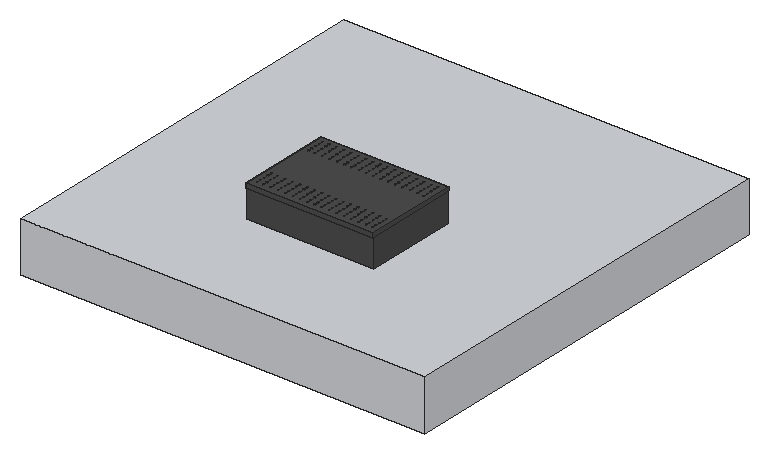
Revit family "BB-100.BIM", category Fire Alarm Devices, host Face, Revit 2020 (continued)
Lines and regions (in)
  symbolic lines, style "MAT-CABINET-BLACK", detail levels fine
    curve 284: circle (-8.202, -4.75219, 0) r 0.125 normal (0, 0, 1)
    curve 285: circle (-7.1084, -5.33589, 0) r 0.125 normal (0, 0, 1)
    curve 286: circle (-6.5616, -5.33589, 0) r 0.125 normal (0, 0, 1)
    curve 287: circle (-7.1084, -4.75219, 0) r 0.125 normal (0, 0, 1)
    curve 288: circle (-6.5616, -4.75219, 0) r 0.125 normal (0, 0, 1)
    curve 289: circle (-6.0148, -5.33589, 0) r 0.125 normal (0, 0, 1)
    curve 290: circle (-5.468, -5.33589, 0) r 0.125 normal (0, 0, 1)
    curve 291: circle (-6.0148, -4.75219, 0) r 0.125 normal (0, 0, 1)
    curve 292: circle (-5.468, -4.75219, 0) r 0.125 normal (0, 0, 1)
    curve 293: circle (-2.734, -4.75219, 0) r 0.125 normal (0, 0, 1)
    curve 294: circle (-2.734, -5.33589, 0) r 0.125 normal (0, 0, 1)
    curve 295: circle (-4.9212, -5.33589, 0) r 0.125 normal (0, 0, 1)
    curve 296: circle (-4.3744, -5.33589, 0) r 0.125 normal (0, 0, 1)
    curve 297: circle (-4.9212, -4.75219, 0) r 0.125 normal (0, 0, 1)
    curve 298: circle (-4.3744, -4.75219, 0) r 0.125 normal (0, 0, 1)
    curve 299: circle (-3.2808, -5.33589, 0) r 0.125 normal (0, 0, 1)
    curve 300: circle (-3.8276, -5.33589, 0) r 0.125 normal (0, 0, 1)
    curve 301: circle (-3.2808, -4.75219, 0) r 0.125 normal (0, 0, 1)
    curve 302: circle (-3.8276, -4.75219, 0) r 0.125 normal (0, 0, 1)
    curve 303: circle (-1.6404, -4.75219, 0) r 0.125 normal (0, 0, 1)
    curve 304: circle (-1.6404, -5.33589, 0) r 0.125 normal (0, 0, 1)
    curve 305: circle (-2.1872, -5.33589, 0) r 0.125 normal (0, 0, 1)
    curve 306: circle (-2.1872, -4.75219, 0) r 0.125 normal (0, 0, 1)
    curve 307: circle (-1.0936, -5.33589, 0) r 0.125 normal (0, 0, 1)
    curve 308: circle (-0.5468, -5.33589, 0) r 0.125 normal (0, 0, 1)
    curve 309: circle (-1.0936, -4.75219, 0) r 0.125 normal (0, 0, 1)
    curve 310: circle (-0.5468, -4.75219, 0) r 0.125 normal (0, 0, 1)
    curve 311: circle (-7.6552, -1.25, 0) r 0.125 normal (0, 0, 1)
    curve 312: circle (-7.6552, -2.4174, 0) r 0.125 normal (0, 0, 1)
    curve 313: circle (-7.6552, -1.8337, 0) r 0.125 normal (0, 0, 1)
    curve 314: circle (-7.6552, -3.0011, 0) r 0.125 normal (0, 0, 1)
    curve 315: circle (-7.6552, -3.5848, 0) r 0.125 normal (0, 0, 1)
    curve 316: circle (-8.7488, -2.4174, 0) r 0.125 normal (0, 0, 1)
    curve 317: circle (-8.7488, -3.0011, 0) r 0.125 normal (0, 0, 1)
    curve 318: circle (-8.7488, -3.5848, 0) r 0.125 normal (0, 0, 1)
    curve 319: circle (-9.2956, -3.5848, 0) r 0.125 normal (0, 0, 1)
    curve 320: circle (-9.8424, -3.5848, 0) r 0.125 normal (0, 0, 1)
    curve 321: circle (-9.2956, -2.4174, 0) r 0.125 normal (0, 0, 1)
    curve 322: circle (-9.2956, -3.0011, 0) r 0.125 normal (0, 0, 1)
    curve 323: circle (-9.8424, -3.0011, 0) r 0.125 normal (0, 0, 1)
    curve 324: circle (-9.8424, -2.4174, 0) r 0.125 normal (0, 0, 1)
    curve 325: circle (-8.202, -3.5848, 0) r 0.125 normal (0, 0, 1)
    curve 326: circle (-8.202, -2.4174, 0) r 0.125 normal (0, 0, 1)
    curve 327: circle (-8.202, -3.0011, 0) r 0.125 normal (0, 0, 1)
    curve 328: circle (-8.7488, -1.25, 0) r 0.125 normal (0, 0, 1)
    curve 329: circle (-8.7488, -1.8337, 0) r 0.125 normal (0, 0, 1)
    curve 330: circle (-9.8424, -1.25, 0) r 0.125 normal (0, 0, 1)
    curve 331: circle (-9.2956, -1.25, 0) r 0.125 normal (0, 0, 1)
    curve 332: circle (-9.2956, -1.8337, 0) r 0.125 normal (0, 0, 1)
    curve 333: circle (-9.8424, -1.8337, 0) r 0.125 normal (0, 0, 1)
    curve 334: circle (-8.202, -1.25, 0) r 0.125 normal (0, 0, 1)
    curve 335: circle (-8.202, -1.8337, 0) r 0.125 normal (0, 0, 1)
    curve 336: circle (-7.1084, -3.5848, 0) r 0.125 normal (0, 0, 1)
    curve 337: circle (-6.5616, -3.5848, 0) r 0.125 normal (0, 0, 1)
    curve 338: circle (-7.1084, -2.4174, 0) r 0.125 normal (0, 0, 1)
    curve 339: circle (-7.1084, -3.0011, 0) r 0.125 normal (0, 0, 1)
    curve 340: circle (-6.5616, -3.0011, 0) r 0.125 normal (0, 0, 1)
    curve 341: circle (-6.5616, -2.4174, 0) r 0.125 normal (0, 0, 1)
    curve 342: circle (-6.0148, -3.5848, 0) r 0.125 normal (0, 0, 1)
    curve 343: circle (-5.468, -3.5848, 0) r 0.125 normal (0, 0, 1)
    curve 344: circle (-6.0148, -3.0011, 0) r 0.125 normal (0, 0, 1)
    curve 345: circle (-6.0148, -2.4174, 0) r 0.125 normal (0, 0, 1)
    curve 346: circle (-5.468, -3.0011, 0) r 0.125 normal (0, 0, 1)
    curve 347: circle (-5.468, -2.4174, 0) r 0.125 normal (0, 0, 1)
    curve 348: circle (-6.5616, -1.25, 0) r 0.125 normal (0, 0, 1)
    curve 349: circle (-7.1084, -1.25, 0) r 0.125 normal (0, 0, 1)
    curve 350: circle (-7.1084, -1.8337, 0) r 0.125 normal (0, 0, 1)
    curve 351: circle (-6.5616, -1.8337, 0) r 0.125 normal (0, 0, 1)
    curve 352: circle (-5.468, -1.25, 0) r 0.125 normal (0, 0, 1)
    curve 353: circle (-6.0148, -1.25, 0) r 0.125 normal (0, 0, 1)
    curve 354: circle (-6.0148, -1.8337, 0) r 0.125 normal (0, 0, 1)
    curve 355: circle (-5.468, -1.8337, 0) r 0.125 normal (0, 0, 1)
    curve 356: circle (-2.734, -1.25, 0) r 0.125 normal (0, 0, 1)
    curve 357: circle (-2.734, -2.4174, 0) r 0.125 normal (0, 0, 1)
    curve 358: circle (-2.734, -1.8337, 0) r 0.125 normal (0, 0, 1)
    curve 359: circle (-2.734, -3.0011, 0) r 0.125 normal (0, 0, 1)
    curve 360: circle (-2.734, -3.5848, 0) r 0.125 normal (0, 0, 1)
    curve 361: circle (-4.9212, -3.5848, 0) r 0.125 normal (0, 0, 1)
    curve 362: circle (-4.3744, -3.5848, 0) r 0.125 normal (0, 0, 1)
    curve 363: circle (-4.9212, -3.0011, 0) r 0.125 normal (0, 0, 1)
    curve 364: circle (-4.9212, -2.4174, 0) r 0.125 normal (0, 0, 1)
    curve 365: circle (-4.3744, -3.0011, 0) r 0.125 normal (0, 0, 1)
    curve 366: circle (-4.3744, -2.4174, 0) r 0.125 normal (0, 0, 1)
    curve 367: circle (-3.2808, -3.5848, 0) r 0.125 normal (0, 0, 1)
    curve 368: circle (-3.8276, -3.5848, 0) r 0.125 normal (0, 0, 1)
    curve 369: circle (-3.2808, -2.4174, 0) r 0.125 normal (0, 0, 1)
    curve 370: circle (-3.2808, -3.0011, 0) r 0.125 normal (0, 0, 1)
    curve 371: circle (-3.8276, -3.0011, 0) r 0.125 normal (0, 0, 1)
    curve 372: circle (-3.8276, -2.4174, 0) r 0.125 normal (0, 0, 1)
    curve 373: circle (-4.3744, -1.25, 0) r 0.125 normal (0, 0, 1)
    curve 374: circle (-4.9212, -1.25, 0) r 0.125 normal (0, 0, 1)
    curve 375: circle (-4.9212, -1.8337, 0) r 0.125 normal (0, 0, 1)
    curve 376: circle (-4.3744, -1.8337, 0) r 0.125 normal (0, 0, 1)
    curve 377: circle (-3.2808, -1.25, 0) r 0.125 normal (0, 0, 1)
    curve 378: circle (-3.8276, -1.25, 0) r 0.125 normal (0, 0, 1)
    curve 379: circle (-3.2808, -1.8337, 0) r 0.125 normal (0, 0, 1)
    curve 380: circle (-3.8276, -1.8337, 0) r 0.125 normal (0, 0, 1)
    curve 381: circle (-1.6404, -2.4174, 0) r 0.125 normal (0, 0, 1)
    curve 382: circle (-1.6404, -3.0011, 0) r 0.125 normal (0, 0, 1)
    curve 383: circle (-1.6404, -3.5848, 0) r 0.125 normal (0, 0, 1)
    curve 384: circle (-2.1872, -3.5848, 0) r 0.125 normal (0, 0, 1)
    curve 385: circle (-2.1872, -2.4174, 0) r 0.125 normal (0, 0, 1)
    curve 386: circle (-2.1872, -3.0011, 0) r 0.125 normal (0, 0, 1)
    curve 387: circle (-1.0936, -3.5848, 0) r 0.125 normal (0, 0, 1)
    curve 388: circle (-0.5468, -3.5848, 0) r 0.125 normal (0, 0, 1)
    curve 389: circle (-1.0936, -3.0011, 0) r 0.125 normal (0, 0, 1)
    curve 390: circle (-1.0936, -2.4174, 0) r 0.125 normal (0, 0, 1)
    curve 391: circle (-0.5468, -3.0011, 0) r 0.125 normal (0, 0, 1)
    curve 392: circle (-0.5468, -2.4174, 0) r 0.125 normal (0, 0, 1)
    curve 393: circle (-1.6404, -1.25, 0) r 0.125 normal (0, 0, 1)
    curve 394: circle (-1.6404, -1.8337, 0) r 0.125 normal (0, 0, 1)
    curve 395: circle (-2.1872, -1.25, 0) r 0.125 normal (0, 0, 1)
    curve 396: circle (-2.1872, -1.8337, 0) r 0.125 normal (0, 0, 1)
    curve 397: circle (-0.5468, -1.25, 0) r 0.125 normal (0, 0, 1)
    curve 398: circle (-1.0936, -1.25, 0) r 0.125 normal (0, 0, 1)
    curve 399: circle (-1.0936, -1.8337, 0) r 0.125 normal (0, 0, 1)
    curve 400: circle (-0.5468, -1.8337, 0) r 0.125 normal (0, 0, 1)
    curve 401: circle (9.2956, -16.66411, 0) r 0.125 normal (0, 0, 1)
    curve 402: circle (9.2956, -17.83151, 0) r 0.125 normal (0, 0, 1)
    curve 403: circle (9.2956, -17.24781, 0) r 0.125 normal (0, 0, 1)
    curve 404: circle (9.2956, -18.4152, 0) r 0.125 normal (0, 0, 1)
    curve 405: circle (9.2956, -19.5826, 0) r 0.125 normal (0, 0, 1)
    curve 406: circle (9.2956, -18.9989, 0) r 0.125 normal (0, 0, 1)
    curve 407: circle (9.2956, -20.1663, 0) r 0.125 normal (0, 0, 1)
    curve 408: circle (9.2956, -20.75, 0) r 0.125 normal (0, 0, 1)
    curve 409: circle (8.202, -18.4152, 0) r 0.125 normal (0, 0, 1)
    curve 410: circle (8.7488, -18.4152, 0) r 0.125 normal (0, 0, 1)
    curve 411: circle (6.5616, -18.4152, 0) r 0.125 normal (0, 0, 1)
    curve 412: circle (7.1084, -18.4152, 0) r 0.125 normal (0, 0, 1)
    curve 413: circle (6.0148, -18.4152, 0) r 0.125 normal (0, 0, 1)
    curve 414: circle (5.468, -18.4152, 0) r 0.125 normal (0, 0, 1)
    curve 415: circle (4.9212, -18.4152, 0) r 0.125 normal (0, 0, 1)
    curve 416: circle (4.3744, -18.4152, 0) r 0.125 normal (0, 0, 1)
    curve 417: circle (3.8276, -18.4152, 0) r 0.125 normal (0, 0, 1)
    curve 418: circle (3.2808, -18.4152, 0) r 0.125 normal (0, 0, 1)
    curve 419: circle (7.6552, -18.4152, 0) r 0.125 normal (0, 0, 1)
    curve 420: circle (2.734, -18.4152, 0) r 0.125 normal (0, 0, 1)
    curve 421: circle (2.1872, -18.4152, 0) r 0.125 normal (0, 0, 1)
    curve 422: circle (1.6404, -18.4152, 0) r 0.125 normal (0, 0, 1)
    curve 423: circle (1.0936, -18.4152, 0) r 0.125 normal (0, 0, 1)
    curve 424: circle (0.5468, -18.4152, 0) r 0.125 normal (0, 0, 1)
    curve 425: circle (0, -18.4152, 0) r 0.125 normal (0, 0, 1)
    curve 426: circle (2.1872, -19.5826, 0) r 0.125 normal (0, 0, 1)
    curve 427: circle (2.1872, -18.9989, 0) r 0.125 normal (0, 0, 1)
    curve 428: circle (2.1872, -20.1663, 0) r 0.125 normal (0, 0, 1)
    curve 429: circle (2.1872, -20.75, 0) r 0.125 normal (0, 0, 1)
    curve 430: circle (1.6404, -20.1663, 0) r 0.125 normal (0, 0, 1)
    curve 431: circle (1.0936, -20.1663, 0) r 0.125 normal (0, 0, 1)
    curve 432: circle (0.5468, -20.1663, 0) r 0.125 normal (0, 0, 1)
    curve 433: circle (0, -20.1663, 0) r 0.125 normal (0, 0, 1)
    curve 434: circle (0, -20.75, 0) r 0.125 normal (0, 0, 1)
    curve 435: circle (0.5468, -20.75, 0) r 0.125 normal (0, 0, 1)
    curve 436: circle (1.0936, -20.75, 0) r 0.125 normal (0, 0, 1)
    curve 437: circle (1.6404, -20.75, 0) r 0.125 normal (0, 0, 1)
    curve 438: circle (0, -19.5826, 0) r 0.125 normal (0, 0, 1)
    curve 439: circle (0.5468, -19.5826, 0) r 0.125 normal (0, 0, 1)
    curve 440: circle (0, -18.9989, 0) r 0.125 normal (0, 0, 1)
    curve 441: circle (0.5468, -18.9989, 0) r 0.125 normal (0, 0, 1)
    curve 442: circle (1.0936, -19.5826, 0) r 0.125 normal (0, 0, 1)
    curve 443: circle (1.6404, -19.5826, 0) r 0.125 normal (0, 0, 1)
    curve 444: circle (1.0936, -18.9989, 0) r 0.125 normal (0, 0, 1)
    curve 445: circle (1.6404, -18.9989, 0) r 0.125 normal (0, 0, 1)
    curve 446: circle (4.3744, -20.1663, 0) r 0.125 normal (0, 0, 1)
    curve 447: circle (3.8276, -20.1663, 0) r 0.125 normal (0, 0, 1)
    curve 448: circle (3.2808, -20.1663, 0) r 0.125 normal (0, 0, 1)
    curve 449: circle (2.734, -20.1663, 0) r 0.125 normal (0, 0, 1)
    curve 450: circle (3.2808, -20.75, 0) r 0.125 normal (0, 0, 1)
    curve 451: circle (2.734, -20.75, 0) r 0.125 normal (0, 0, 1)
    curve 452: circle (3.8276, -20.75, 0) r 0.125 normal (0, 0, 1)
    curve 453: circle (4.3744, -20.75, 0) r 0.125 normal (0, 0, 1)
    curve 454: circle (3.2808, -19.5826, 0) r 0.125 normal (0, 0, 1)
    curve 455: circle (3.2808, -18.9989, 0) r 0.125 normal (0, 0, 1)
    curve 456: circle (2.734, -19.5826, 0) r 0.125 normal (0, 0, 1)
    curve 457: circle (2.734, -18.9989, 0) r 0.125 normal (0, 0, 1)
    curve 458: circle (3.8276, -19.5826, 0) r 0.125 normal (0, 0, 1)
    curve 459: circle (4.3744, -19.5826, 0) r 0.125 normal (0, 0, 1)
    curve 460: circle (3.8276, -18.9989, 0) r 0.125 normal (0, 0, 1)
    curve 461: circle (4.3744, -18.9989, 0) r 0.125 normal (0, 0, 1)
    curve 462: circle (6.5616, -20.1663, 0) r 0.125 normal (0, 0, 1)
    curve 463: circle (6.0148, -20.1663, 0) r 0.125 normal (0, 0, 1)
    curve 464: circle (5.468, -20.1663, 0) r 0.125 normal (0, 0, 1)
    curve 465: circle (4.9212, -20.1663, 0) r 0.125 normal (0, 0, 1)
    curve 466: circle (4.9212, -20.75, 0) r 0.125 normal (0, 0, 1)
    curve 467: circle (5.468, -20.75, 0) r 0.125 normal (0, 0, 1)
    curve 468: circle (6.0148, -20.75, 0) r 0.125 normal (0, 0, 1)
    curve 469: circle (6.5616, -20.75, 0) r 0.125 normal (0, 0, 1)
    curve 470: circle (4.9212, -19.5826, 0) r 0.125 normal (0, 0, 1)
    curve 471: circle (5.468, -19.5826, 0) r 0.125 normal (0, 0, 1)
    curve 472: circle (4.9212, -18.9989, 0) r 0.125 normal (0, 0, 1)
    curve 473: circle (5.468, -18.9989, 0) r 0.125 normal (0, 0, 1)
    curve 474: circle (6.0148, -19.5826, 0) r 0.125 normal (0, 0, 1)
    curve 475: circle (6.5616, -19.5826, 0) r 0.125 normal (0, 0, 1)
    curve 476: circle (6.0148, -18.9989, 0) r 0.125 normal (0, 0, 1)
    curve 477: circle (6.5616, -18.9989, 0) r 0.125 normal (0, 0, 1)
    curve 478: circle (8.202, -20.1663, 0) r 0.125 normal (0, 0, 1)
    curve 479: circle (8.7488, -20.1663, 0) r 0.125 normal (0, 0, 1)
    curve 480: circle (7.1084, -20.1663, 0) r 0.125 normal (0, 0, 1)
    curve 481: circle (7.6552, -20.1663, 0) r 0.125 normal (0, 0, 1)
    curve 482: circle (8.202, -20.75, 0) r 0.125 normal (0, 0, 1)
    curve 483: circle (7.6552, -20.75, 0) r 0.125 normal (0, 0, 1)
    curve 484: circle (7.1084, -20.75, 0) r 0.125 normal (0, 0, 1)
    curve 485: circle (8.7488, -20.75, 0) r 0.125 normal (0, 0, 1)
    curve 486: circle (8.202, -19.5826, 0) r 0.125 normal (0, 0, 1)
    curve 487: circle (8.202, -18.9989, 0) r 0.125 normal (0, 0, 1)
    curve 488: circle (7.6552, -19.5826, 0) r 0.125 normal (0, 0, 1)
    curve 489: circle (7.1084, -19.5826, 0) r 0.125 normal (0, 0, 1)
    curve 490: circle (7.6552, -18.9989, 0) r 0.125 normal (0, 0, 1)
    curve 491: circle (7.1084, -18.9989, 0) r 0.125 normal (0, 0, 1)
    curve 492: circle (8.7488, -19.5826, 0) r 0.125 normal (0, 0, 1)
    curve 493: circle (8.7488, -18.9989, 0) r 0.125 normal (0, 0, 1)
    curve 494: circle (2.1872, -16.66411, 0) r 0.125 normal (0, 0, 1)
    curve 495: circle (2.1872, -17.83151, 0) r 0.125 normal (0, 0, 1)
    curve 496: circle (2.1872, -17.24781, 0) r 0.125 normal (0, 0, 1)
    curve 497: circle (1.6404, -16.66411, 0) r 0.125 normal (0, 0, 1)
    curve 498: circle (1.0936, -16.66411, 0) r 0.125 normal (0, 0, 1)
    curve 499: circle (0, -16.66411, 0) r 0.125 normal (0, 0, 1)
    curve 500: circle (0.5468, -16.66411, 0) r 0.125 normal (0, 0, 1)
    curve 501: circle (0, -17.83151, 0) r 0.125 normal (0, 0, 1)
    curve 502: circle (0.5468, -17.83151, 0) r 0.125 normal (0, 0, 1)
    curve 503: circle (0, -17.24781, 0) r 0.125 normal (0, 0, 1)
    curve 504: circle (0.5468, -17.24781, 0) r 0.125 normal (0, 0, 1)
    curve 505: circle (1.0936, -17.83151, 0) r 0.125 normal (0, 0, 1)
    curve 506: circle (1.6404, -17.83151, 0) r 0.125 normal (0, 0, 1)
    curve 507: circle (1.0936, -17.24781, 0) r 0.125 normal (0, 0, 1)
    curve 508: circle (1.6404, -17.24781, 0) r 0.125 normal (0, 0, 1)
    curve 509: circle (4.3744, -16.66411, 0) r 0.125 normal (0, 0, 1)
    curve 510: circle (3.8276, -16.66411, 0) r 0.125 normal (0, 0, 1)
    curve 511: circle (3.2808, -16.66411, 0) r 0.125 normal (0, 0, 1)
    curve 512: circle (2.734, -16.66411, 0) r 0.125 normal (0, 0, 1)
    curve 513: circle (3.2808, -17.83151, 0) r 0.125 normal (0, 0, 1)
    curve 514: circle (3.2808, -17.24781, 0) r 0.125 normal (0, 0, 1)
    curve 515: circle (2.734, -17.83151, 0) r 0.125 normal (0, 0, 1)
    curve 516: circle (2.734, -17.24781, 0) r 0.125 normal (0, 0, 1)
    curve 517: circle (3.8276, -17.83151, 0) r 0.125 normal (0, 0, 1)
    curve 518: circle (4.3744, -17.83151, 0) r 0.125 normal (0, 0, 1)
    curve 519: circle (3.8276, -17.24781, 0) r 0.125 normal (0, 0, 1)
    curve 520: circle (4.3744, -17.24781, 0) r 0.125 normal (0, 0, 1)
    curve 521: circle (6.5616, -16.66411, 0) r 0.125 normal (0, 0, 1)
    curve 522: circle (5.468, -16.66411, 0) r 0.125 normal (0, 0, 1)
    curve 523: circle (6.0148, -16.66411, 0) r 0.125 normal (0, 0, 1)
    curve 524: circle (4.9212, -16.66411, 0) r 0.125 normal (0, 0, 1)
    curve 525: circle (4.9212, -17.83151, 0) r 0.125 normal (0, 0, 1)
    curve 526: circle (5.468, -17.83151, 0) r 0.125 normal (0, 0, 1)
    curve 527: circle (4.9212, -17.24781, 0) r 0.125 normal (0, 0, 1)
    curve 528: circle (5.468, -17.24781, 0) r 0.125 normal (0, 0, 1)
    curve 529: circle (6.0148, -17.83151, 0) r 0.125 normal (0, 0, 1)
    curve 530: circle (6.5616, -17.83151, 0) r 0.125 normal (0, 0, 1)
    curve 531: circle (6.0148, -17.24781, 0) r 0.125 normal (0, 0, 1)
    curve 532: circle (6.5616, -17.24781, 0) r 0.125 normal (0, 0, 1)
    curve 533: circle (8.202, -16.66411, 0) r 0.125 normal (0, 0, 1)
    curve 534: circle (8.7488, -16.66411, 0) r 0.125 normal (0, 0, 1)
    curve 535: circle (7.1084, -16.66411, 0) r 0.125 normal (0, 0, 1)
    curve 536: circle (7.6552, -16.66411, 0) r 0.125 normal (0, 0, 1)
    curve 537: circle (8.202, -17.83151, 0) r 0.125 normal (0, 0, 1)
    curve 538: circle (8.202, -17.24781, 0) r 0.125 normal (0, 0, 1)
    curve 539: circle (7.6552, -17.83151, 0) r 0.125 normal (0, 0, 1)
    curve 540: circle (7.1084, -17.83151, 0) r 0.125 normal (0, 0, 1)
    curve 541: circle (7.6552, -17.24781, 0) r 0.125 normal (0, 0, 1)
    curve 542: circle (7.1084, -17.24781, 0) r 0.125 normal (0, 0, 1)
    curve 543: circle (8.7488, -17.83151, 0) r 0.125 normal (0, 0, 1)
    curve 544: circle (8.7488, -17.24781, 0) r 0.125 normal (0, 0, 1)
    curve 545: circle (13.67, -18.4152, 0) r 0.125 normal (0, 0, 1)
    curve 546: circle (12.5764, -18.4152, 0) r 0.125 normal (0, 0, 1)
    curve 547: circle (13.1232, -18.4152, 0) r 0.125 normal (0, 0, 1)
    curve 548: circle (11.4828, -18.4152, 0) r 0.125 normal (0, 0, 1)
    curve 549: circle (10.3892, -18.4152, 0) r 0.125 normal (0, 0, 1)
    curve 550: circle (10.936, -18.4152, 0) r 0.125 normal (0, 0, 1)
    curve 551: circle (9.8424, -18.4152, 0) r 0.125 normal (0, 0, 1)
    curve 552: circle (12.0296, -18.4152, 0) r 0.125 normal (0, 0, 1)
    curve 553: circle (11.4828, -20.1663, 0) r 0.125 normal (0, 0, 1)
    curve 554: circle (10.3892, -20.1663, 0) r 0.125 normal (0, 0, 1)
    curve 555: circle (10.936, -20.1663, 0) r 0.125 normal (0, 0, 1)
    curve 556: circle (9.8424, -20.1663, 0) r 0.125 normal (0, 0, 1)
    curve 557: circle (9.8424, -20.75, 0) r 0.125 normal (0, 0, 1)
    curve 558: circle (10.3892, -20.75, 0) r 0.125 normal (0, 0, 1)
    curve 559: circle (10.936, -20.75, 0) r 0.125 normal (0, 0, 1)
    curve 560: circle (11.4828, -20.75, 0) r 0.125 normal (0, 0, 1)
    curve 561: circle (9.8424, -19.5826, 0) r 0.125 normal (0, 0, 1)
    curve 562: circle (10.3892, -19.5826, 0) r 0.125 normal (0, 0, 1)
    curve 563: circle (9.8424, -18.9989, 0) r 0.125 normal (0, 0, 1)
    curve 564: circle (10.3892, -18.9989, 0) r 0.125 normal (0, 0, 1)
    curve 565: circle (10.936, -19.5826, 0) r 0.125 normal (0, 0, 1)
    curve 566: circle (11.4828, -19.5826, 0) r 0.125 normal (0, 0, 1)
    curve 567: circle (10.936, -18.9989, 0) r 0.125 normal (0, 0, 1)
    curve 568: circle (11.4828, -18.9989, 0) r 0.125 normal (0, 0, 1)
    curve 569: circle (13.67, -20.1663, 0) r 0.125 normal (0, 0, 1)
    curve 570: circle (12.5764, -20.1663, 0) r 0.125 normal (0, 0, 1)
    curve 571: circle (13.1232, -20.1663, 0) r 0.125 normal (0, 0, 1)
    curve 572: circle (12.0296, -20.1663, 0) r 0.125 normal (0, 0, 1)
    curve 573: circle (12.0296, -20.75, 0) r 0.125 normal (0, 0, 1)
    curve 574: circle (12.5764, -20.75, 0) r 0.125 normal (0, 0, 1)
    curve 575: circle (13.67, -20.75, 0) r 0.125 normal (0, 0, 1)
    curve 576: circle (13.1232, -20.75, 0) r 0.125 normal (0, 0, 1)
    curve 577: circle (12.0296, -19.5826, 0) r 0.125 normal (0, 0, 1)
    curve 578: circle (12.5764, -19.5826, 0) r 0.125 normal (0, 0, 1)
    curve 579: circle (12.0296, -18.9989, 0) r 0.125 normal (0, 0, 1)
    curve 580: circle (12.5764, -18.9989, 0) r 0.125 normal (0, 0, 1)
    curve 581: circle (13.67, -19.5826, 0) r 0.125 normal (0, 0, 1)
    curve 582: circle (13.1232, -19.5826, 0) r 0.125 normal (0, 0, 1)
    curve 583: circle (13.67, -18.9989, 0) r 0.125 normal (0, 0, 1)
    curve 584: circle (13.1232, -18.9989, 0) r 0.125 normal (0, 0, 1)
    curve 585: circle (11.4828, -16.66411, 0) r 0.125 normal (0, 0, 1)
    curve 586: circle (10.3892, -16.66411, 0) r 0.125 normal (0, 0, 1)
    curve 587: circle (10.936, -16.66411, 0) r 0.125 normal (0, 0, 1)
    curve 588: circle (9.8424, -16.66411, 0) r 0.125 normal (0, 0, 1)
    curve 589: circle (9.8424, -17.83151, 0) r 0.125 normal (0, 0, 1)
    curve 590: circle (10.3892, -17.83151, 0) r 0.125 normal (0, 0, 1)
    curve 591: circle (9.8424, -17.24781, 0) r 0.125 normal (0, 0, 1)
    curve 592: circle (10.3892, -17.24781, 0) r 0.125 normal (0, 0, 1)
    curve 593: circle (10.936, -17.83151, 0) r 0.125 normal (0, 0, 1)
    curve 594: circle (11.4828, -17.83151, 0) r 0.125 normal (0, 0, 1)
    curve 595: circle (10.936, -17.24781, 0) r 0.125 normal (0, 0, 1)
    curve 596: circle (11.4828, -17.24781, 0) r 0.125 normal (0, 0, 1)
    curve 597: circle (13.67, -16.66411, 0) r 0.125 normal (0, 0, 1)
    curve 598: circle (12.5764, -16.66411, 0) r 0.125 normal (0, 0, 1)
    curve 599: circle (13.1232, -16.66411, 0) r 0.125 normal (0, 0, 1)
    curve 600: circle (12.0296, -16.66411, 0) r 0.125 normal (0, 0, 1)
    curve 601: circle (12.0296, -17.83151, 0) r 0.125 normal (0, 0, 1)
    curve 602: circle (12.5764, -17.83151, 0) r 0.125 normal (0, 0, 1)
    curve 603: circle (12.0296, -17.24781, 0) r 0.125 normal (0, 0, 1)
    curve 604: circle (12.5764, -17.24781, 0) r 0.125 normal (0, 0, 1)
    curve 605: circle (13.67, -17.83151, 0) r 0.125 normal (0, 0, 1)
    curve 606: circle (13.1232, -17.83151, 0) r 0.125 normal (0, 0, 1)
    curve 607: circle (13.67, -17.24781, 0) r 0.125 normal (0, 0, 1)
    curve 608: circle (13.1232, -17.24781, 0) r 0.125 normal (0, 0, 1)
    curve 609: circle (9.2956, -5.33589, 0) r 0.125 normal (0, 0, 1)
    curve 610: circle (8.202, -4.16849, 0) r 0.125 normal (0, 0, 1)
    curve 611: circle (8.7488, -4.16849, 0) r 0.125 normal (0, 0, 1)
    curve 612: circle (6.5616, -4.16849, 0) r 0.125 normal (0, 0, 1)
    curve 613: circle (7.1084, -4.16849, 0) r 0.125 normal (0, 0, 1)
    curve 614: circle (5.468, -4.16849, 0) r 0.125 normal (0, 0, 1)
    curve 615: circle (6.0148, -4.16849, 0) r 0.125 normal (0, 0, 1)
    curve 616: circle (4.3744, -4.16849, 0) r 0.125 normal (0, 0, 1)
    curve 617: circle (4.9212, -4.16849, 0) r 0.125 normal (0, 0, 1)
    curve 618: circle (3.2808, -4.16849, 0) r 0.125 normal (0, 0, 1)
    curve 619: circle (3.8276, -4.16849, 0) r 0.125 normal (0, 0, 1)
    curve 620: circle (7.6552, -4.16849, 0) r 0.125 normal (0, 0, 1)
    curve 621: circle (2.1872, -4.16849, 0) r 0.125 normal (0, 0, 1)
    curve 622: circle (2.734, -4.16849, 0) r 0.125 normal (0, 0, 1)
    curve 623: circle (1.6404, -4.16849, 0) r 0.125 normal (0, 0, 1)
    curve 624: circle (1.0936, -4.16849, 0) r 0.125 normal (0, 0, 1)
    curve 625: circle (0, -4.16849, 0) r 0.125 normal (0, 0, 1)
    curve 626: circle (0.5468, -4.16849, 0) r 0.125 normal (0, 0, 1)
    curve 627: circle (2.1872, -4.75219, 0) r 0.125 normal (0, 0, 1)
    curve 628: circle (2.1872, -5.33589, 0) r 0.125 normal (0, 0, 1)
    curve 629: circle (0, -5.33589, 0) r 0.125 normal (0, 0, 1)
    curve 630: circle (0.5468, -5.33589, 0) r 0.125 normal (0, 0, 1)
    curve 631: circle (0, -4.75219, 0) r 0.125 normal (0, 0, 1)
    curve 632: circle (0.5468, -4.75219, 0) r 0.125 normal (0, 0, 1)
    curve 633: circle (1.0936, -5.33589, 0) r 0.125 normal (0, 0, 1)
    curve 634: circle (1.6404, -5.33589, 0) r 0.125 normal (0, 0, 1)
    curve 635: circle (1.0936, -4.75219, 0) r 0.125 normal (0, 0, 1)
    curve 636: circle (1.6404, -4.75219, 0) r 0.125 normal (0, 0, 1)
    curve 637: circle (3.2808, -4.75219, 0) r 0.125 normal (0, 0, 1)
    curve 638: circle (3.2808, -5.33589, 0) r 0.125 normal (0, 0, 1)
    curve 639: circle (2.734, -5.33589, 0) r 0.125 normal (0, 0, 1)
    curve 640: circle (2.734, -4.75219, 0) r 0.125 normal (0, 0, 1)
    curve 641: circle (3.8276, -5.33589, 0) r 0.125 normal (0, 0, 1)
    curve 642: circle (4.3744, -5.33589, 0) r 0.125 normal (0, 0, 1)
    curve 643: circle (3.8276, -4.75219, 0) r 0.125 normal (0, 0, 1)
    curve 644: circle (4.3744, -4.75219, 0) r 0.125 normal (0, 0, 1)
    curve 645: circle (4.9212, -5.33589, 0) r 0.125 normal (0, 0, 1)
    curve 646: circle (5.468, -5.33589, 0) r 0.125 normal (0, 0, 1)
    curve 647: circle (4.9212, -4.75219, 0) r 0.125 normal (0, 0, 1)
    curve 648: circle (5.468, -4.75219, 0) r 0.125 normal (0, 0, 1)
    curve 649: circle (6.0148, -5.33589, 0) r 0.125 normal (0, 0, 1)
    curve 650: circle (6.5616, -5.33589, 0) r 0.125 normal (0, 0, 1)
    curve 651: circle (6.0148, -4.75219, 0) r 0.125 normal (0, 0, 1)
    curve 652: circle (6.5616, -4.75219, 0) r 0.125 normal (0, 0, 1)
    curve 653: circle (8.202, -4.75219, 0) r 0.125 normal (0, 0, 1)
    curve 654: circle (8.202, -5.33589, 0) r 0.125 normal (0, 0, 1)
    curve 655: circle (7.6552, -5.33589, 0) r 0.125 normal (0, 0, 1)
    curve 656: circle (7.1084, -5.33589, 0) r 0.125 normal (0, 0, 1)
    curve 657: circle (7.6552, -4.75219, 0) r 0.125 normal (0, 0, 1)
    curve 658: circle (7.1084, -4.75219, 0) r 0.125 normal (0, 0, 1)
    curve 659: circle (8.7488, -5.33589, 0) r 0.125 normal (0, 0, 1)
    curve 660: circle (8.7488, -4.75219, 0) r 0.125 normal (0, 0, 1)
    curve 661: circle (2.1872, -1.25, 0) r 0.125 normal (0, 0, 1)
    curve 662: circle (2.1872, -2.4174, 0) r 0.125 normal (0, 0, 1)
    curve 663: circle (2.1872, -1.8337, 0) r 0.125 normal (0, 0, 1)
    curve 664: circle (2.1872, -3.0011, 0) r 0.125 normal (0, 0, 1)
    curve 665: circle (2.1872, -3.5848, 0) r 0.125 normal (0, 0, 1)
    curve 666: circle (0, -3.5848, 0) r 0.125 normal (0, 0, 1)
    curve 667: circle (0.5468, -3.5848, 0) r 0.125 normal (0, 0, 1)
    curve 668: circle (0, -3.0011, 0) r 0.125 normal (0, 0, 1)
    curve 669: circle (0, -2.4174, 0) r 0.125 normal (0, 0, 1)
    curve 670: circle (0.5468, -3.0011, 0) r 0.125 normal (0, 0, 1)
    curve 671: circle (0.5468, -2.4174, 0) r 0.125 normal (0, 0, 1)
    curve 672: circle (1.0936, -3.5848, 0) r 0.125 normal (0, 0, 1)
    curve 673: circle (1.6404, -3.5848, 0) r 0.125 normal (0, 0, 1)
    curve 674: circle (1.0936, -3.0011, 0) r 0.125 normal (0, 0, 1)
    curve 675: circle (1.0936, -2.4174, 0) r 0.125 normal (0, 0, 1)
    curve 676: circle (1.6404, -3.0011, 0) r 0.125 normal (0, 0, 1)
    curve 677: circle (1.6404, -2.4174, 0) r 0.125 normal (0, 0, 1)
    curve 678: circle (0.5468, -1.25, 0) r 0.125 normal (0, 0, 1)
    curve 679: circle (0, -1.25, 0) r 0.125 normal (0, 0, 1)
    curve 680: circle (0, -1.8337, 0) r 0.125 normal (0, 0, 1)
    curve 681: circle (0.5468, -1.8337, 0) r 0.125 normal (0, 0, 1)
    curve 682: circle (1.6404, -1.25, 0) r 0.125 normal (0, 0, 1)
    curve 683: circle (1.0936, -1.25, 0) r 0.125 normal (0, 0, 1)
    curve 684: circle (1.0936, -1.8337, 0) r 0.125 normal (0, 0, 1)
    curve 685: circle (1.6404, -1.8337, 0) r 0.125 normal (0, 0, 1)
    curve 686: circle (3.2808, -2.4174, 0) r 0.125 normal (0, 0, 1)
    curve 687: circle (3.2808, -3.0011, 0) r 0.125 normal (0, 0, 1)
    curve 688: circle (3.2808, -3.5848, 0) r 0.125 normal (0, 0, 1)
    curve 689: circle (2.734, -3.5848, 0) r 0.125 normal (0, 0, 1)
    curve 690: circle (2.734, -2.4174, 0) r 0.125 normal (0, 0, 1)
    curve 691: circle (2.734, -3.0011, 0) r 0.125 normal (0, 0, 1)
    curve 692: circle (3.8276, -3.5848, 0) r 0.125 normal (0, 0, 1)
    curve 693: circle (4.3744, -3.5848, 0) r 0.125 normal (0, 0, 1)
    curve 694: circle (3.8276, -2.4174, 0) r 0.125 normal (0, 0, 1)
    curve 695: circle (3.8276, -3.0011, 0) r 0.125 normal (0, 0, 1)
    curve 696: circle (4.3744, -3.0011, 0) r 0.125 normal (0, 0, 1)
    curve 697: circle (4.3744, -2.4174, 0) r 0.125 normal (0, 0, 1)
    curve 698: circle (3.2808, -1.25, 0) r 0.125 normal (0, 0, 1)
    curve 699: circle (3.2808, -1.8337, 0) r 0.125 normal (0, 0, 1)
    curve 700: circle (2.734, -1.25, 0) r 0.125 normal (0, 0, 1)
    curve 701: circle (2.734, -1.8337, 0) r 0.125 normal (0, 0, 1)
    curve 702: circle (4.3744, -1.25, 0) r 0.125 normal (0, 0, 1)
    curve 703: circle (3.8276, -1.25, 0) r 0.125 normal (0, 0, 1)
    curve 704: circle (3.8276, -1.8337, 0) r 0.125 normal (0, 0, 1)
    curve 705: circle (4.3744, -1.8337, 0) r 0.125 normal (0, 0, 1)
    curve 706: circle (4.9212, -3.5848, 0) r 0.125 normal (0, 0, 1)
    curve 707: circle (5.468, -3.5848, 0) r 0.125 normal (0, 0, 1)
    curve 708: circle (4.9212, -3.0011, 0) r 0.125 normal (0, 0, 1)
    curve 709: circle (4.9212, -2.4174, 0) r 0.125 normal (0, 0, 1)
    curve 710: circle (5.468, -3.0011, 0) r 0.125 normal (0, 0, 1)
    curve 711: circle (5.468, -2.4174, 0) r 0.125 normal (0, 0, 1)
    curve 712: circle (6.0148, -3.5848, 0) r 0.125 normal (0, 0, 1)
    curve 713: circle (6.5616, -3.5848, 0) r 0.125 normal (0, 0, 1)
    curve 714: circle (6.0148, -3.0011, 0) r 0.125 normal (0, 0, 1)
    curve 715: circle (6.0148, -2.4174, 0) r 0.125 normal (0, 0, 1)
    curve 716: circle (6.5616, -3.0011, 0) r 0.125 normal (0, 0, 1)
    curve 717: circle (6.5616, -2.4174, 0) r 0.125 normal (0, 0, 1)
    curve 718: circle (5.468, -1.25, 0) r 0.125 normal (0, 0, 1)
    curve 719: circle (4.9212, -1.25, 0) r 0.125 normal (0, 0, 1)
    curve 720: circle (4.9212, -1.8337, 0) r 0.125 normal (0, 0, 1)
    curve 721: circle (5.468, -1.8337, 0) r 0.125 normal (0, 0, 1)
    curve 722: circle (6.5616, -1.25, 0) r 0.125 normal (0, 0, 1)
    curve 723: circle (6.0148, -1.25, 0) r 0.125 normal (0, 0, 1)
    curve 724: circle (6.0148, -1.8337, 0) r 0.125 normal (0, 0, 1)
    curve 725: circle (6.5616, -1.8337, 0) r 0.125 normal (0, 0, 1)
    curve 726: circle (8.202, -2.4174, 0) r 0.125 normal (0, 0, 1)
    curve 727: circle (8.202, -3.0011, 0) r 0.125 normal (0, 0, 1)
    curve 728: circle (8.202, -3.5848, 0) r 0.125 normal (0, 0, 1)
    curve 729: circle (7.6552, -3.5848, 0) r 0.125 normal (0, 0, 1)
    curve 730: circle (7.1084, -3.5848, 0) r 0.125 normal (0, 0, 1)
    curve 731: circle (7.6552, -2.4174, 0) r 0.125 normal (0, 0, 1)
    curve 732: circle (7.6552, -3.0011, 0) r 0.125 normal (0, 0, 1)
    curve 733: circle (7.1084, -3.0011, 0) r 0.125 normal (0, 0, 1)
    curve 734: circle (7.1084, -2.4174, 0) r 0.125 normal (0, 0, 1)
    curve 735: circle (8.7488, -3.5848, 0) r 0.125 normal (0, 0, 1)
    curve 736: circle (8.7488, -2.4174, 0) r 0.125 normal (0, 0, 1)
    curve 737: circle (8.7488, -3.0011, 0) r 0.125 normal (0, 0, 1)
    curve 738: circle (8.202, -1.25, 0) r 0.125 normal (0, 0, 1)
    curve 739: circle (8.202, -1.8337, 0) r 0.125 normal (0, 0, 1)
    curve 740: circle (7.1084, -1.25, 0) r 0.125 normal (0, 0, 1)
    curve 741: circle (7.6552, -1.25, 0) r 0.125 normal (0, 0, 1)
    curve 742: circle (7.6552, -1.8337, 0) r 0.125 normal (0, 0, 1)
    curve 743: circle (7.1084, -1.8337, 0) r 0.125 normal (0, 0, 1)
    curve 744: circle (8.7488, -1.25, 0) r 0.125 normal (0, 0, 1)
    curve 745: circle (8.7488, -1.8337, 0) r 0.125 normal (0, 0, 1)
    curve 746: circle (13.67, -4.16849, 0) r 0.125 normal (0, 0, 1)
    curve 747: circle (12.5764, -4.16849, 0) r 0.125 normal (0, 0, 1)
    curve 748: circle (13.1232, -4.16849, 0) r 0.125 normal (0, 0, 1)
    curve 749: circle (11.4828, -4.16849, 0) r 0.125 normal (0, 0, 1)
    curve 750: circle (10.3892, -4.16849, 0) r 0.125 normal (0, 0, 1)
    curve 751: circle (10.936, -4.16849, 0) r 0.125 normal (0, 0, 1)
    curve 752: circle (9.8424, -4.16849, 0) r 0.125 normal (0, 0, 1)
    curve 753: circle (12.0296, -4.16849, 0) r 0.125 normal (0, 0, 1)
    curve 754: circle (9.8424, -5.33589, 0) r 0.125 normal (0, 0, 1)
    curve 755: circle (10.3892, -5.33589, 0) r 0.125 normal (0, 0, 1)
    curve 756: circle (9.8424, -4.75219, 0) r 0.125 normal (0, 0, 1)
    curve 757: circle (10.3892, -4.75219, 0) r 0.125 normal (0, 0, 1)
    curve 758: circle (10.936, -5.33589, 0) r 0.125 normal (0, 0, 1)
    curve 759: circle (11.4828, -5.33589, 0) r 0.125 normal (0, 0, 1)
    curve 760: circle (10.936, -4.75219, 0) r 0.125 normal (0, 0, 1)
    curve 761: circle (11.4828, -4.75219, 0) r 0.125 normal (0, 0, 1)
    curve 762: circle (12.0296, -5.33589, 0) r 0.125 normal (0, 0, 1)
    curve 763: circle (12.5764, -5.33589, 0) r 0.125 normal (0, 0, 1)
    curve 764: circle (12.0296, -4.75219, 0) r 0.125 normal (0, 0, 1)
    curve 765: circle (12.5764, -4.75219, 0) r 0.125 normal (0, 0, 1)
    curve 766: circle (13.67, -5.33589, 0) r 0.125 normal (0, 0, 1)
    curve 767: circle (13.1232, -5.33589, 0) r 0.125 normal (0, 0, 1)
    curve 768: circle (13.67, -4.75219, 0) r 0.125 normal (0, 0, 1)
    curve 769: circle (13.1232, -4.75219, 0) r 0.125 normal (0, 0, 1)
    curve 770: circle (9.8424, -3.5848, 0) r 0.125 normal (0, 0, 1)
    curve 771: circle (10.3892, -3.5848, 0) r 0.125 normal (0, 0, 1)
    curve 772: circle (9.8424, -2.4174, 0) r 0.125 normal (0, 0, 1)
    curve 773: circle (9.8424, -3.0011, 0) r 0.125 normal (0, 0, 1)
    curve 774: circle (10.3892, -3.0011, 0) r 0.125 normal (0, 0, 1)
    curve 775: circle (10.3892, -2.4174, 0) r 0.125 normal (0, 0, 1)
    curve 776: circle (10.936, -3.5848, 0) r 0.125 normal (0, 0, 1)
    curve 777: circle (11.4828, -3.5848, 0) r 0.125 normal (0, 0, 1)
    curve 778: circle (10.936, -3.0011, 0) r 0.125 normal (0, 0, 1)
    curve 779: circle (10.936, -2.4174, 0) r 0.125 normal (0, 0, 1)
    curve 780: circle (11.4828, -3.0011, 0) r 0.125 normal (0, 0, 1)
    curve 781: circle (11.4828, -2.4174, 0) r 0.125 normal (0, 0, 1)
    curve 782: circle (10.3892, -1.25, 0) r 0.125 normal (0, 0, 1)
    curve 783: circle (9.8424, -1.25, 0) r 0.125 normal (0, 0, 1)
    curve 784: circle (9.8424, -1.8337, 0) r 0.125 normal (0, 0, 1)
    curve 785: circle (10.3892, -1.8337, 0) r 0.125 normal (0, 0, 1)
    curve 786: circle (11.4828, -1.25, 0) r 0.125 normal (0, 0, 1)
    curve 787: circle (10.936, -1.25, 0) r 0.125 normal (0, 0, 1)
    curve 788: circle (10.936, -1.8337, 0) r 0.125 normal (0, 0, 1)
    curve 789: circle (11.4828, -1.8337, 0) r 0.125 normal (0, 0, 1)
    curve 790: circle (12.0296, -3.5848, 0) r 0.125 normal (0, 0, 1)
    curve 791: circle (12.5764, -3.5848, 0) r 0.125 normal (0, 0, 1)
    curve 792: circle (12.0296, -3.0011, 0) r 0.125 normal (0, 0, 1)
    curve 793: circle (12.0296, -2.4174, 0) r 0.125 normal (0, 0, 1)
    curve 794: circle (12.5764, -3.0011, 0) r 0.125 normal (0, 0, 1)
    curve 795: circle (12.5764, -2.4174, 0) r 0.125 normal (0, 0, 1)
    curve 796: circle (13.67, -3.5848, 0) r 0.125 normal (0, 0, 1)
    curve 797: circle (13.1232, -3.5848, 0) r 0.125 normal (0, 0, 1)
    curve 798: circle (13.67, -2.4174, 0) r 0.125 normal (0, 0, 1)
    curve 799: circle (13.67, -3.0011, 0) r 0.125 normal (0, 0, 1)
    curve 800: circle (13.1232, -3.0011, 0) r 0.125 normal (0, 0, 1)
    curve 801: circle (13.1232, -2.4174, 0) r 0.125 normal (0, 0, 1)
    curve 802: circle (12.5764, -1.25, 0) r 0.125 normal (0, 0, 1)
    curve 803: circle (12.0296, -1.25, 0) r 0.125 normal (0, 0, 1)
    curve 804: circle (12.0296, -1.8337, 0) r 0.125 normal (0, 0, 1)
    curve 805: circle (12.5764, -1.8337, 0) r 0.125 normal (0, 0, 1)
    curve 806: circle (13.67, -1.25, 0) r 0.125 normal (0, 0, 1)
    curve 807: circle (13.1232, -1.25, 0) r 0.125 normal (0, 0, 1)
    curve 808: circle (13.67, -1.8337, 0) r 0.125 normal (0, 0, 1)
    curve 809: circle (13.1232, -1.8337, 0) r 0.125 normal (0, 0, 1)
    curve 810: circle (9.2956, -1.25, 0) r 0.125 normal (0, 0, 1)
    curve 811: circle (9.2956, -2.4174, 0) r 0.125 normal (0, 0, 1)
    curve 812: circle (9.2956, -1.8337, 0) r 0.125 normal (0, 0, 1)
    curve 813: circle (9.2956, -3.0011, 0) r 0.125 normal (0, 0, 1)
    curve 814: circle (9.2956, -4.16849, 0) r 0.125 normal (0, 0, 1)
    curve 815: circle (9.2956, -3.5848, 0) r 0.125 normal (0, 0, 1)
    curve 816: circle (9.2956, -4.75219, 0) r 0.125 normal (0, 0, 1)
  symbolic lines, style "MAT-CABINET-BLACK"
    curve 817: line (-15.17, 0.25, 0) -> (15.17, 0.25, 0)
    curve 818: line (15.17, 0.25, 0) -> (-15.17, 0.25, 0)
    curve 819: line (-15.17, 0.25, 0) -> (-15.17, -22.25, 0)
    curve 820: line (-15.17, -22.25, 0) -> (-15.17, 0.25, 0)
    curve 821: line (-15.17, 0.25, 0) -> (-15.17, -22.25, 0)
    curve 822: line (-15.17, -22.25, 0) -> (15.17, -22.25, 0)
    curve 823: line (15.17, -22.25, 0) -> (15.17, 0.25, 0)
    curve 824: line (15.17, 0.25, 0) -> (-15.17, 0.25, 0)
    curve 825: line (15.17, 0.25, 0) -> (15.17, -22.25, 0)
    curve 826: line (15.17, -22.25, 0) -> (-15.17, -22.25, 0)
    curve 827: line (-15.17, -22.25, 0) -> (-15.17, 0.25, 0)
    curve 828: line (-15.17, 0.25, 0) -> (15.17, 0.25, 0)
    curve 829: line (15.17, 0.25, 0) -> (15.17, -22.25, 0)
    curve 830: line (15.17, -22.25, 0) -> (-15.17, -22.25, 0)
    curve 831: line (-15.17, -22.25, 0) -> (15.17, -22.25, 0)
    curve 832: line (15.17, -22.25, 0) -> (15.17, 0.25, 0)
  symbolic lines, style "MAT-CABINET-BLACK", not visible, detail levels fine
    curve 833: circle (68.66173, 74.15776, 0) r 0.125 normal (0, 0, 1)
    curve 834: circle (68.11493, 74.15776, 0) r 0.125 normal (0, 0, 1)
    curve 835: circle (67.56813, 74.15776, 0) r 0.125 normal (0, 0, 1)
    curve 836: circle (67.02133, 74.15776, 0) r 0.125 normal (0, 0, 1)
    curve 837: circle (66.47453, 74.15776, 0) r 0.125 normal (0, 0, 1)
    curve 838: circle (65.92773, 74.15776, 0) r 0.125 normal (0, 0, 1)
    curve 839: circle (65.38093, 74.15776, 0) r 0.125 normal (0, 0, 1)
    curve 840: circle (66.47453, 72.40666, 0) r 0.125 normal (0, 0, 1)
    curve 841: circle (65.92773, 72.40666, 0) r 0.125 normal (0, 0, 1)
    curve 842: circle (65.38093, 72.40666, 0) r 0.125 normal (0, 0, 1)
    curve 843: circle (65.38093, 71.82296, 0) r 0.125 normal (0, 0, 1)
    curve 844: circle (65.92773, 71.82296, 0) r 0.125 normal (0, 0, 1)
    curve 845: circle (66.47453, 71.82296, 0) r 0.125 normal (0, 0, 1)
    curve 846: circle (65.38093, 72.99036, 0) r 0.125 normal (0, 0, 1)
    curve 847: circle (65.38093, 73.57406, 0) r 0.125 normal (0, 0, 1)
    curve 848: circle (65.92773, 72.99036, 0) r 0.125 normal (0, 0, 1)
    curve 849: circle (66.47453, 72.99036, 0) r 0.125 normal (0, 0, 1)
    curve 850: circle (65.92773, 73.57406, 0) r 0.125 normal (0, 0, 1)
    curve 851: circle (66.47453, 73.57406, 0) r 0.125 normal (0, 0, 1)
    curve 852: circle (68.66173, 72.40666, 0) r 0.125 normal (0, 0, 1)
    curve 853: circle (68.11493, 72.40666, 0) r 0.125 normal (0, 0, 1)
    curve 854: circle (67.56813, 72.40666, 0) r 0.125 normal (0, 0, 1)
    curve 855: circle (67.02133, 72.40666, 0) r 0.125 normal (0, 0, 1)
    curve 856: circle (67.02133, 71.82296, 0) r 0.125 normal (0, 0, 1)
    curve 857: circle (67.56813, 71.82296, 0) r 0.125 normal (0, 0, 1)
    curve 858: circle (68.11493, 71.82296, 0) r 0.125 normal (0, 0, 1)
    curve 859: circle (68.66173, 71.82296, 0) r 0.125 normal (0, 0, 1)
    curve 860: circle (67.02133, 72.99036, 0) r 0.125 normal (0, 0, 1)
    curve 861: circle (67.56813, 72.99036, 0) r 0.125 normal (0, 0, 1)
    curve 862: circle (67.02133, 73.57406, 0) r 0.125 normal (0, 0, 1)
    curve 863: circle (67.56813, 73.57406, 0) r 0.125 normal (0, 0, 1)
    curve 864: circle (68.11493, 72.99036, 0) r 0.125 normal (0, 0, 1)
    curve 865: circle (68.66173, 72.99036, 0) r 0.125 normal (0, 0, 1)
    curve 866: circle (68.11493, 73.57406, 0) r 0.125 normal (0, 0, 1)
    curve 867: circle (68.66173, 73.57406, 0) r 0.125 normal (0, 0, 1)
    curve 868: circle (66.47453, 75.90885, 0) r 0.125 normal (0, 0, 1)
    curve 869: circle (65.92773, 75.90885, 0) r 0.125 normal (0, 0, 1)
    curve 870: circle (65.38093, 75.90885, 0) r 0.125 normal (0, 0, 1)
    curve 871: circle (65.38093, 74.74146, 0) r 0.125 normal (0, 0, 1)
    curve 872: circle (65.38093, 75.32516, 0) r 0.125 normal (0, 0, 1)
    curve 873: circle (65.92773, 74.74146, 0) r 0.125 normal (0, 0, 1)
    curve 874: circle (66.47453, 74.74146, 0) r 0.125 normal (0, 0, 1)
    curve 875: circle (65.92773, 75.32516, 0) r 0.125 normal (0, 0, 1)
    curve 876: circle (66.47453, 75.32516, 0) r 0.125 normal (0, 0, 1)
    curve 877: circle (68.66173, 75.90885, 0) r 0.125 normal (0, 0, 1)
    curve 878: circle (68.11493, 75.90885, 0) r 0.125 normal (0, 0, 1)
    curve 879: circle (67.56813, 75.90885, 0) r 0.125 normal (0, 0, 1)
    curve 880: circle (67.02133, 75.90885, 0) r 0.125 normal (0, 0, 1)
    curve 881: circle (67.02133, 74.74146, 0) r 0.125 normal (0, 0, 1)
    curve 882: circle (67.56813, 74.74146, 0) r 0.125 normal (0, 0, 1)
    curve 883: circle (67.02133, 75.32516, 0) r 0.125 normal (0, 0, 1)
    curve 884: circle (67.56813, 75.32516, 0) r 0.125 normal (0, 0, 1)
    curve 885: circle (68.11493, 74.74146, 0) r 0.125 normal (0, 0, 1)
    curve 886: circle (68.66173, 74.74146, 0) r 0.125 normal (0, 0, 1)
    curve 887: circle (68.11493, 75.32516, 0) r 0.125 normal (0, 0, 1)
    curve 888: circle (68.66173, 75.32516, 0) r 0.125 normal (0, 0, 1)
    curve 889: circle (78.50413, 74.15776, 0) r 0.125 normal (0, 0, 1)
    curve 890: circle (77.95733, 74.15776, 0) r 0.125 normal (0, 0, 1)
    curve 891: circle (77.41053, 74.15776, 0) r 0.125 normal (0, 0, 1)
    curve 892: circle (76.86373, 74.15776, 0) r 0.125 normal (0, 0, 1)
    curve 893: circle (75.77013, 74.15776, 0) r 0.125 normal (0, 0, 1)
    curve 894: circle (76.31693, 74.15776, 0) r 0.125 normal (0, 0, 1)
    curve 895: circle (74.67653, 74.15776, 0) r 0.125 normal (0, 0, 1)
    curve 896: circle (73.58293, 74.15776, 0) r 0.125 normal (0, 0, 1)
    curve 897: circle (74.12973, 74.15776, 0) r 0.125 normal (0, 0, 1)
    curve 898: circle (75.22333, 74.15776, 0) r 0.125 normal (0, 0, 1)
    curve 899: circle (72.48933, 74.15776, 0) r 0.125 normal (0, 0, 1)
    curve 900: circle (71.39573, 74.15776, 0) r 0.125 normal (0, 0, 1)
    curve 901: circle (71.94253, 74.15776, 0) r 0.125 normal (0, 0, 1)
    curve 902: circle (70.30213, 74.15776, 0) r 0.125 normal (0, 0, 1)
    curve 903: circle (69.20853, 74.15776, 0) r 0.125 normal (0, 0, 1)
    curve 904: circle (69.75533, 74.15776, 0) r 0.125 normal (0, 0, 1)
    curve 905: circle (70.84893, 74.15776, 0) r 0.125 normal (0, 0, 1)
    curve 906: circle (73.03613, 74.15776, 0) r 0.125 normal (0, 0, 1)
    curve 907: circle (71.39573, 72.99036, 0) r 0.125 normal (0, 0, 1)
    curve 908: circle (71.39573, 73.57406, 0) r 0.125 normal (0, 0, 1)
    curve 909: circle (71.39573, 72.40666, 0) r 0.125 normal (0, 0, 1)
    curve 910: circle (71.39573, 71.82296, 0) r 0.125 normal (0, 0, 1)
    curve 911: circle (70.30213, 72.40666, 0) r 0.125 normal (0, 0, 1)
    curve 912: circle (69.20853, 72.40666, 0) r 0.125 normal (0, 0, 1)
    curve 913: circle (69.75533, 72.40666, 0) r 0.125 normal (0, 0, 1)
    curve 914: circle (70.84893, 72.40666, 0) r 0.125 normal (0, 0, 1)
    curve 915: circle (70.30213, 71.82296, 0) r 0.125 normal (0, 0, 1)
    curve 916: circle (69.75533, 71.82296, 0) r 0.125 normal (0, 0, 1)
    curve 917: circle (69.20853, 71.82296, 0) r 0.125 normal (0, 0, 1)
    curve 918: circle (70.84893, 71.82296, 0) r 0.125 normal (0, 0, 1)
    curve 919: circle (70.30213, 72.99036, 0) r 0.125 normal (0, 0, 1)
    curve 920: circle (70.30213, 73.57406, 0) r 0.125 normal (0, 0, 1)
    curve 921: circle (69.75533, 72.99036, 0) r 0.125 normal (0, 0, 1)
    curve 922: circle (69.20853, 72.99036, 0) r 0.125 normal (0, 0, 1)
    curve 923: circle (69.75533, 73.57406, 0) r 0.125 normal (0, 0, 1)
    curve 924: circle (69.20853, 73.57406, 0) r 0.125 normal (0, 0, 1)
    curve 925: circle (70.84893, 72.99036, 0) r 0.125 normal (0, 0, 1)
    curve 926: circle (70.84893, 73.57406, 0) r 0.125 normal (0, 0, 1)
    curve 927: circle (73.58293, 72.40666, 0) r 0.125 normal (0, 0, 1)
    curve 928: circle (72.48933, 72.40666, 0) r 0.125 normal (0, 0, 1)
    curve 929: circle (71.94253, 72.40666, 0) r 0.125 normal (0, 0, 1)
    curve 930: circle (73.03613, 72.40666, 0) r 0.125 normal (0, 0, 1)
    curve 931: circle (71.94253, 71.82296, 0) r 0.125 normal (0, 0, 1)
    curve 932: circle (72.48933, 71.82296, 0) r 0.125 normal (0, 0, 1)
    curve 933: circle (73.03613, 71.82296, 0) r 0.125 normal (0, 0, 1)
    curve 934: circle (73.58293, 71.82296, 0) r 0.125 normal (0, 0, 1)
    curve 935: circle (71.94253, 72.99036, 0) r 0.125 normal (0, 0, 1)
    curve 936: circle (72.48933, 72.99036, 0) r 0.125 normal (0, 0, 1)
    curve 937: circle (71.94253, 73.57406, 0) r 0.125 normal (0, 0, 1)
    curve 938: circle (72.48933, 73.57406, 0) r 0.125 normal (0, 0, 1)
    curve 939: circle (73.03613, 72.99036, 0) r 0.125 normal (0, 0, 1)
    curve 940: circle (73.58293, 72.99036, 0) r 0.125 normal (0, 0, 1)
    curve 941: circle (73.03613, 73.57406, 0) r 0.125 normal (0, 0, 1)
    curve 942: circle (73.58293, 73.57406, 0) r 0.125 normal (0, 0, 1)
    curve 943: circle (76.31693, 72.99036, 0) r 0.125 normal (0, 0, 1)
    curve 944: circle (76.31693, 73.57406, 0) r 0.125 normal (0, 0, 1)
    curve 945: circle (76.31693, 72.40666, 0) r 0.125 normal (0, 0, 1)
    curve 946: circle (76.31693, 71.82296, 0) r 0.125 normal (0, 0, 1)
    curve 947: circle (75.77013, 72.40666, 0) r 0.125 normal (0, 0, 1)
    curve 948: circle (74.67653, 72.40666, 0) r 0.125 normal (0, 0, 1)
    curve 949: circle (74.12973, 72.40666, 0) r 0.125 normal (0, 0, 1)
    curve 950: circle (75.22333, 72.40666, 0) r 0.125 normal (0, 0, 1)
    curve 951: circle (74.12973, 71.82296, 0) r 0.125 normal (0, 0, 1)
    curve 952: circle (74.67653, 71.82296, 0) r 0.125 normal (0, 0, 1)
    curve 953: circle (75.77013, 71.82296, 0) r 0.125 normal (0, 0, 1)
    curve 954: circle (75.22333, 71.82296, 0) r 0.125 normal (0, 0, 1)
    curve 955: circle (74.12973, 72.99036, 0) r 0.125 normal (0, 0, 1)
    curve 956: circle (74.67653, 72.99036, 0) r 0.125 normal (0, 0, 1)
    curve 957: circle (74.12973, 73.57406, 0) r 0.125 normal (0, 0, 1)
    curve 958: circle (74.67653, 73.57406, 0) r 0.125 normal (0, 0, 1)
    curve 959: circle (75.77013, 72.99036, 0) r 0.125 normal (0, 0, 1)
    curve 960: circle (75.22333, 72.99036, 0) r 0.125 normal (0, 0, 1)
    curve 961: circle (75.77013, 73.57406, 0) r 0.125 normal (0, 0, 1)
    curve 962: circle (75.22333, 73.57406, 0) r 0.125 normal (0, 0, 1)
    curve 963: circle (78.50413, 72.40666, 0) r 0.125 normal (0, 0, 1)
    curve 964: circle (77.95733, 72.40666, 0) r 0.125 normal (0, 0, 1)
    curve 965: circle (77.41053, 72.40666, 0) r 0.125 normal (0, 0, 1)
    curve 966: circle (76.86373, 72.40666, 0) r 0.125 normal (0, 0, 1)
    curve 967: circle (77.41053, 71.82296, 0) r 0.125 normal (0, 0, 1)
    curve 968: circle (76.86373, 71.82296, 0) r 0.125 normal (0, 0, 1)
    curve 969: circle (77.95733, 71.82296, 0) r 0.125 normal (0, 0, 1)
    curve 970: circle (78.50413, 71.82296, 0) r 0.125 normal (0, 0, 1)
    curve 971: circle (77.41053, 72.99036, 0) r 0.125 normal (0, 0, 1)
    curve 972: circle (77.41053, 73.57406, 0) r 0.125 normal (0, 0, 1)
    curve 973: circle (76.86373, 72.99036, 0) r 0.125 normal (0, 0, 1)
    curve 974: circle (76.86373, 73.57406, 0) r 0.125 normal (0, 0, 1)
    curve 975: circle (77.95733, 72.99036, 0) r 0.125 normal (0, 0, 1)
    curve 976: circle (78.50413, 72.99036, 0) r 0.125 normal (0, 0, 1)
    curve 977: circle (77.95733, 73.57406, 0) r 0.125 normal (0, 0, 1)
    curve 978: circle (78.50413, 73.57406, 0) r 0.125 normal (0, 0, 1)
    curve 979: circle (71.39573, 75.90885, 0) r 0.125 normal (0, 0, 1)
    curve 980: circle (71.39573, 74.74146, 0) r 0.125 normal (0, 0, 1)
    curve 981: circle (71.39573, 75.32516, 0) r 0.125 normal (0, 0, 1)
    curve 982: circle (70.30213, 75.90885, 0) r 0.125 normal (0, 0, 1)
    curve 983: circle (69.20853, 75.90885, 0) r 0.125 normal (0, 0, 1)
    curve 984: circle (69.75533, 75.90885, 0) r 0.125 normal (0, 0, 1)
    curve 985: circle (70.84893, 75.90885, 0) r 0.125 normal (0, 0, 1)
    curve 986: circle (70.30213, 74.74146, 0) r 0.125 normal (0, 0, 1)
    curve 987: circle (70.30213, 75.32516, 0) r 0.125 normal (0, 0, 1)
    curve 988: circle (69.75533, 74.74146, 0) r 0.125 normal (0, 0, 1)
    curve 989: circle (69.20853, 74.74146, 0) r 0.125 normal (0, 0, 1)
    curve 990: circle (69.75533, 75.32516, 0) r 0.125 normal (0, 0, 1)
    curve 991: circle (69.20853, 75.32516, 0) r 0.125 normal (0, 0, 1)
    curve 992: circle (70.84893, 74.74146, 0) r 0.125 normal (0, 0, 1)
    curve 993: circle (70.84893, 75.32516, 0) r 0.125 normal (0, 0, 1)
    curve 994: circle (73.58293, 75.90885, 0) r 0.125 normal (0, 0, 1)
    curve 995: circle (72.48933, 75.90885, 0) r 0.125 normal (0, 0, 1)
    curve 996: circle (71.94253, 75.90885, 0) r 0.125 normal (0, 0, 1)
    curve 997: circle (73.03613, 75.90885, 0) r 0.125 normal (0, 0, 1)
    curve 998: circle (71.94253, 74.74146, 0) r 0.125 normal (0, 0, 1)
    curve 999: circle (72.48933, 74.74146, 0) r 0.125 normal (0, 0, 1)
    curve 1000: circle (71.94253, 75.32516, 0) r 0.125 normal (0, 0, 1)
    curve 1001: circle (72.48933, 75.32516, 0) r 0.125 normal (0, 0, 1)
    curve 1002: circle (73.03613, 74.74146, 0) r 0.125 normal (0, 0, 1)
    curve 1003: circle (73.58293, 74.74146, 0) r 0.125 normal (0, 0, 1)
    curve 1004: circle (73.03613, 75.32516, 0) r 0.125 normal (0, 0, 1)
    curve 1005: circle (73.58293, 75.32516, 0) r 0.125 normal (0, 0, 1)
    curve 1006: circle (76.31693, 75.90885, 0) r 0.125 normal (0, 0, 1)
    curve 1007: circle (76.31693, 74.74146, 0) r 0.125 normal (0, 0, 1)
    curve 1008: circle (76.31693, 75.32516, 0) r 0.125 normal (0, 0, 1)
    curve 1009: circle (75.77013, 75.90885, 0) r 0.125 normal (0, 0, 1)
    curve 1010: circle (74.67653, 75.90885, 0) r 0.125 normal (0, 0, 1)
    curve 1011: circle (74.12973, 75.90885, 0) r 0.125 normal (0, 0, 1)
    curve 1012: circle (75.22333, 75.90885, 0) r 0.125 normal (0, 0, 1)
    curve 1013: circle (74.12973, 74.74146, 0) r 0.125 normal (0, 0, 1)
    curve 1014: circle (74.67653, 74.74146, 0) r 0.125 normal (0, 0, 1)
    curve 1015: circle (74.12973, 75.32516, 0) r 0.125 normal (0, 0, 1)
    curve 1016: circle (74.67653, 75.32516, 0) r 0.125 normal (0, 0, 1)
    curve 1017: circle (75.77013, 74.74146, 0) r 0.125 normal (0, 0, 1)
    curve 1018: circle (75.22333, 74.74146, 0) r 0.125 normal (0, 0, 1)
    curve 1019: circle (75.77013, 75.32516, 0) r 0.125 normal (0, 0, 1)
    curve 1020: circle (75.22333, 75.32516, 0) r 0.125 normal (0, 0, 1)
    curve 1021: circle (77.95733, 75.90885, 0) r 0.125 normal (0, 0, 1)
    curve 1022: circle (78.50413, 75.90885, 0) r 0.125 normal (0, 0, 1)
    curve 1023: circle (77.41053, 75.90885, 0) r 0.125 normal (0, 0, 1)
    curve 1024: circle (76.86373, 75.90885, 0) r 0.125 normal (0, 0, 1)
    curve 1025: circle (77.41053, 74.74146, 0) r 0.125 normal (0, 0, 1)
    curve 1026: circle (77.41053, 75.32516, 0) r 0.125 normal (0, 0, 1)
    curve 1027: circle (76.86373, 74.74146, 0) r 0.125 normal (0, 0, 1)
    curve 1028: circle (76.86373, 75.32516, 0) r 0.125 normal (0, 0, 1)
    curve 1029: circle (77.95733, 74.74146, 0) r 0.125 normal (0, 0, 1)
    curve 1030: circle (78.50413, 74.74146, 0) r 0.125 normal (0, 0, 1)
    curve 1031: circle (77.95733, 75.32516, 0) r 0.125 normal (0, 0, 1)
    curve 1032: circle (78.50413, 75.32516, 0) r 0.125 normal (0, 0, 1)
    curve 1033: circle (68.66173, 88.40447, 0) r 0.125 normal (0, 0, 1)
    curve 1034: circle (67.56813, 88.40447, 0) r 0.125 normal (0, 0, 1)
    curve 1035: circle (68.11493, 88.40447, 0) r 0.125 normal (0, 0, 1)
    curve 1036: circle (66.47453, 88.40447, 0) r 0.125 normal (0, 0, 1)
    curve 1037: circle (67.02133, 88.40447, 0) r 0.125 normal (0, 0, 1)
    curve 1038: circle (65.92773, 88.40447, 0) r 0.125 normal (0, 0, 1)
    curve 1039: circle (65.38093, 88.40447, 0) r 0.125 normal (0, 0, 1)
    curve 1040: circle (65.38093, 87.82077, 0) r 0.125 normal (0, 0, 1)
    curve 1041: circle (65.38093, 87.23707, 0) r 0.125 normal (0, 0, 1)
    curve 1042: circle (65.92773, 87.23707, 0) r 0.125 normal (0, 0, 1)
    curve 1043: circle (66.47453, 87.23707, 0) r 0.125 normal (0, 0, 1)
    curve 1044: circle (65.92773, 87.82077, 0) r 0.125 normal (0, 0, 1)
    curve 1045: circle (66.47453, 87.82077, 0) r 0.125 normal (0, 0, 1)
    curve 1046: circle (67.02133, 87.23707, 0) r 0.125 normal (0, 0, 1)
    curve 1047: circle (67.56813, 87.23707, 0) r 0.125 normal (0, 0, 1)
    curve 1048: circle (67.02133, 87.82077, 0) r 0.125 normal (0, 0, 1)
